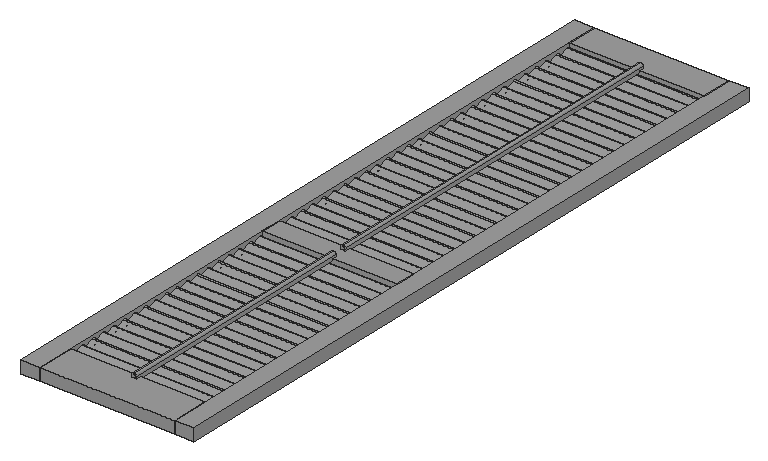
Revit family "Louver Classic 2 Panel", category Generic Models, Revit 2017
Family settings
  Can host rebar = No
  Round Connector Dimension = Use Diameter
  Part Type = Normal
  Work Plane-Based = Yes
  Always vertical = No
  Cut with Voids When Loaded = No
  Shared = No
  Room Calculation Point = No
Parameters
  Upper Tilt Rod = yes
  URL = "www.newhorizonshutters.com"
  Type Comments = "**** All dimensions and configurations to be approved by NHSI ****"
  Top Rail = 0' - 3 1/4"
  ShutterThickness = 0' - 1 1/4"
  Shutter Width = 1' - 6"
  Shutter Height = 6' - 0"
  Model = "Louver Classic"
  Mid Rail Height = 2' - 6"
  Mid Rail = 0' - 2 1/4"
  Manufacturer = "New Horizon Shutters"
  Lower Tilt Rod = yes
  Louver Section 2 = Mid Rail Height - Bottom Rail - 0' 1 3/4" - Mid Rail / 2  # 1' - 11 1/8"
  Louver Section 1 = Shutter Height - Mid Rail Height - Top Rail - 0' 1 3/4" - Mid Rail / 2  # 2' - 11 7/8"
  Louver Length = Shutter Width - 0' 4"  # 1' - 2"
  Finish Color = Default
  Default Elevation = 4' - 0"
  Bottom Rail = 0' - 4"
Reference planes (in)
  plane 1 "Center (Front/Back)": y = 0
  plane 2: z = 0
  plane 3 "Center (Left/Right)": x = 0
  plane 4: x = 9
  plane 5: x = -9
  plane 6: y = 72
  plane 7: y = 30
  plane 8: z = 1.25
  plane 9: z = 0.625
  plane 10: x = -7
  plane 11: x = 7
  plane 12: y = 68.75
  plane 13: y = 4
  plane 14: y = 31.125
  plane 15: y = 28.875
  plane 16: y = 4.875
  plane 17: y = 32
  plane 18: z = 0.77183
  plane 19: z = 0.47817
  plane 20: y = 29.375
  plane 21: y = 3.5
  plane 22: y = 69.25
  plane 23: y = 30.625
Forms (in)
  Extrusion 1, solid, material "Default" <- "Finish Color"
    sketch origin (0, 0, 0) x (1, 0, 0) y (0, 1, 0)
      loop
        line (-9, 72) -> (-9, 0) -> (-7, 0) -> (-7, 72) -> (-9, 72)
    from 0 to 1.25
  Extrusion 2, solid, material "Default" <- "Finish Color"
    sketch origin (0, 0, 0) x (-1, 0, 0) y (0, -1, 0)
      loop
        line (-9, -72) -> (-7, -72) -> (-7, 0) -> (-9, 0) -> (-9, -72)
    from 0 to 1.25
  Extrusion 3, solid, material "Default" <- "Finish Color"
    sketch origin (0, 0, 0) x (1, 0, 0) y (0, 1, 0)
      loop
        line (-7, 72) -> (-7, 68.75) -> (7, 68.75) -> (7, 72) -> (-7, 72)
      loop
        line (-7, 31.125) -> (-7, 28.875) -> (7, 28.875) -> (7, 31.125) -> (-7, 31.125)
      loop
        line (-7, 4) -> (-7, 0) -> (7, 0) -> (7, 4) -> (-7, 4)
    from 0 to 1.25
  Extrusion 4, solid, material "Default" <- "Finish Color", visible <- "Lower Tilt Rod"
    sketch origin (0, 0, 0) x (1, 0, 0) y (0, 0, 1)
      loop
        line (-0.2486, 1.38151) -> (-0.2486, 0.9966) -> (0.24872, 0.9966) -> (0.24872, 1.38169)
        arc (0.24872, 1.38169) -> (0.17282, 1.55753) -> (-0.0072, 1.6229) r 0.24164
        arc (-0.0072, 1.6229) -> (-0.17789, 1.5522) -> (-0.2486, 1.38151) r 0.2414
    from -29.375 to -3.5
  Extrusion 5, solid, material "Default" <- "Finish Color", visible <- "Upper Tilt Rod"
    sketch origin (0, 0, 0) x (1, 0, 0) y (0, 0, 1)
      loop
        line (-0.2486, 1.38151) -> (-0.2486, 0.9966) -> (0.24872, 0.9966) -> (0.24872, 1.38169)
        arc (0.24872, 1.38169) -> (0.17282, 1.55753) -> (-0.0072, 1.6229) r 0.24164
        arc (-0.0072, 1.6229) -> (-0.17789, 1.5522) -> (-0.2486, 1.38151) r 0.2414
    from -69.25 to -30.625
Dimensions and locks (in)
  equal spacing: plane 5, plane 3 "Center (Left/Right)", plane 4
  "Shutter Width": plane 5 to plane 4
  "Shutter Height": plane 1 "Center (Front/Back)" to plane 6
  "Mid Rail Height": plane 1 "Center (Front/Back)" to plane 7
  equal spacing: plane 8, plane 9, level
  "ShutterThickness": plane 8 to level
  plane 1 "Center (Front/Back)" to Extrusion 1 = 6' - 0"
  locked: plane 5 to plane 10 at 2
  locked: plane 11 to plane 4 at 2
  "Top Rail": plane 6 to plane 12
  "Bottom Rail": plane 1 "Center (Front/Back)" to plane 13
  equal spacing: plane 14, plane 7, plane 15
  "Mid Rail": plane 14 to plane 15
  locked: plane 16 to plane 13 at 0.875
  locked: plane 17 to plane 14 at 0.875
  equal spacing: plane 18, plane 9, plane 19, locked at 0.14683 each
  locked: plane 8 to Extrusion 4 at 0.2534  (x2)
  locked: plane 20 to plane 15 at 0.5
  locked: plane 13 to plane 21 at 0.5
  locked: plane 22 to plane 12 at 0.5
  locked: plane 14 to plane 23 at 0.5
  aligned and locked: plane 2 to level
  aligned and locked: Extrusion 1 sketch curve to plane 6
  aligned and locked: plane 5 to Extrusion 1 sketch curve
  aligned and locked: Extrusion 1 sketch curve to plane 1 "Center (Front/Back)"
  aligned and locked: Extrusion 1 to level
  aligned and locked: plane 8 to Extrusion 1
  aligned and locked: plane 10 to Extrusion 1
  aligned and locked: Extrusion 2 to plane 11
  aligned and locked: Extrusion 3 sketch curve to Extrusion 1
  aligned and locked: Extrusion 1 to Extrusion 3 sketch curve
  aligned and locked: plane 12 to Extrusion 3 sketch curve
  aligned and locked: Extrusion 3 sketch curve to plane 11  (x2)
  aligned and locked: Extrusion 3 sketch curve to plane 14
  aligned and locked: plane 10 to Extrusion 3 sketch curve  (x2)
  aligned and locked: plane 15 to Extrusion 3 sketch curve
  aligned and locked: Extrusion 3 sketch curve to plane 13
  aligned and locked: Extrusion 3 sketch curve to Extrusion 2
  aligned and locked: Extrusion 2 to Extrusion 3 sketch curve
  aligned and locked: Extrusion 3 to Extrusion 1
  aligned and locked: Extrusion 3 to level
  aligned and locked: plane 9 to nested 2
  aligned and locked: plane 20 to Extrusion 4
  aligned and locked: Extrusion 4 to plane 21
  aligned and locked: Extrusion 5 to plane 23
  aligned and locked: plane 22 to Extrusion 5
  aligned and locked: nested 1 to plane 3 "Center (Left/Right)"
  aligned and locked: nested 1 to plane 17
  aligned and locked: nested 2 to plane 16
  aligned and locked: nested 2 to plane 3 "Center (Left/Right)"
Automatic sketch dimensions
  Extrusion 1 sketch curve to plane 10 = 0' - 0"
  plane 1 "Center (Front/Back)" to Extrusion 2 sketch curve = 0' - 0"
  Extrusion 2 sketch curve to plane 4 = 0' - 0"
  Extrusion 2 sketch curve to plane 6 = 0' - 0"
  Extrusion 2 sketch curve to Extrusion 2 sketch curve = 0' - 2"
  Extrusion 4 sketch curve to plane 3 "Center (Left/Right)" = 0' - 0.2486"
  Extrusion 4 sketch curve to plane 3 "Center (Left/Right)" = 0' - 0.0072"
  plane 3 "Center (Left/Right)" to Extrusion 4 sketch curve = 0' - 0.00708"
  plane 3 "Center (Left/Right)" to Extrusion 4 sketch curve = 0' - 0.24872"
  level to Extrusion 4 sketch curve = 0' - 0.9966"
  level to Extrusion 4 sketch curve = 0' - 1.38151"
  Extrusion 5 sketch curve to plane 3 "Center (Left/Right)" = 0' - 0.2486"
  Extrusion 5 sketch curve to plane 3 "Center (Left/Right)" = 0' - 0.0072"
  plane 3 "Center (Left/Right)" to Extrusion 5 sketch curve = 0' - 0.00708"
  plane 3 "Center (Left/Right)" to Extrusion 5 sketch curve = 0' - 0.24872"
  level to Extrusion 5 sketch curve = 0' - 0.9966"
  level to Extrusion 5 sketch curve = 0' - 1.38151"
Nested families (in)
  nested 1: "Louver System 3.1" at (0, 49.9375, 0.625) x (-1, 0, 0) z (0, 0, 1), type "Louver System 3.1"
  nested 2: "Louver System 3.2" at (0, 16.4375, 0.625) x (-1, 0, 0) z (0, 0, 1), type "Louver System 3.2"
Definition of nested family "Louver System 3.1"
  Parameters (values of type "Louver System 3.1")
    Number of Louvers = Louver Span / Louver Spacing  # 27
    Louver Span = 2' - 11 7/8"
    Louver Spacing = 0' - 1 79/256"
    Louver Length = 1' - 2"
    Finish Color = none
  Reference planes (in)
    plane 1 "Center (Front/Back)": y = 0
    plane 2: z = 0
    plane 3 "Center (Left/Right)": x = 0
    plane 4: x = -7
    plane 5: x = 7
    plane 6: y = -17.9375
    plane 7: y = 17.9375
  Dimensions and locks (in)
    equal spacing: plane 4, plane 3 "Center (Left/Right)", plane 5
    equal spacing: plane 7, plane 1 "Center (Front/Back)", plane 6
    "Louver Length": plane 4 to plane 5
    equal spacing: group 1, group 3, group 4, group 5, group 6, group 7, group 8, group 9, group 10, group 11, group 12, group 13, group 14, group 15, group 16, group 17, group 18, group 19, group 20, group 21, group 22, group 23, group 24, group 25, group 26, group 27, group 2  (x3)
    "Louver Span": plane 6 to plane 7
    equal spacing: plane 6, plane 1 "Center (Front/Back)", plane 7
    aligned and locked: plane 2 to level
    aligned and locked: plane 5 to nested 1
    aligned and locked: nested 2 to plane 7
    aligned and locked: nested 1 to plane 6
  Nested families (in)
    nested 1: "Louver 3 Single" at (0, -17.9375, 0), Louver Length <- "Louver Length", type "Louver 3 Single"
      with Louver Length 1' - 2"
    nested 2: "Louver 3 Single" at (0, 17.9375, 0), Louver Length <- "Louver Length", type "Louver 3 Single"
      with Louver Length 1' - 2"
    nested 3: "Louver 3 Single" at (0, -16.55769, 0), Louver Length <- "Louver Length", type "Louver 3 Single"
      with Louver Length 1' - 2"
    nested 4: "Louver 3 Single" at (0, -15.17788, 0), Louver Length <- "Louver Length", type "Louver 3 Single"
      with Louver Length 1' - 2"
    nested 5: "Louver 3 Single" at (0, -13.79808, 0), Louver Length <- "Louver Length", type "Louver 3 Single"
      with Louver Length 1' - 2"
    nested 6: "Louver 3 Single" at (0, -12.41827, 0), Louver Length <- "Louver Length", type "Louver 3 Single"
      with Louver Length 1' - 2"
    nested 7: "Louver 3 Single" at (0, -11.03846, 0), Louver Length <- "Louver Length", type "Louver 3 Single"
      with Louver Length 1' - 2"
    nested 8: "Louver 3 Single" at (0, -9.65865, 0), Louver Length <- "Louver Length", type "Louver 3 Single"
      with Louver Length 1' - 2"
    nested 9: "Louver 3 Single" at (0, -8.27885, 0), Louver Length <- "Louver Length", type "Louver 3 Single"
      with Louver Length 1' - 2"
    nested 10: "Louver 3 Single" at (0, -6.89904, 0), Louver Length <- "Louver Length", type "Louver 3 Single"
      with Louver Length 1' - 2"
    nested 11: "Louver 3 Single" at (0, -5.51923, 0), Louver Length <- "Louver Length", type "Louver 3 Single"
      with Louver Length 1' - 2"
    nested 12: "Louver 3 Single" at (0, -4.13942, 0), Louver Length <- "Louver Length", type "Louver 3 Single"
      with Louver Length 1' - 2"
    nested 13: "Louver 3 Single" at (0, -2.75962, 0), Louver Length <- "Louver Length", type "Louver 3 Single"
      with Louver Length 1' - 2"
    nested 14: "Louver 3 Single" at (0, -1.37981, 0), Louver Length <- "Louver Length", type "Louver 3 Single"
      with Louver Length 1' - 2"
    nested 15: "Louver 3 Single" at (0, 0, 0), Louver Length <- "Louver Length", type "Louver 3 Single"
      with Louver Length 1' - 2"
    nested 16: "Louver 3 Single" at (0, 1.37981, 0), Louver Length <- "Louver Length", type "Louver 3 Single"
      with Louver Length 1' - 2"
    nested 17: "Louver 3 Single" at (0, 2.75962, 0), Louver Length <- "Louver Length", type "Louver 3 Single"
      with Louver Length 1' - 2"
    nested 18: "Louver 3 Single" at (0, 4.13942, 0), Louver Length <- "Louver Length", type "Louver 3 Single"
      with Louver Length 1' - 2"
    nested 19: "Louver 3 Single" at (0, 5.51923, 0), Louver Length <- "Louver Length", type "Louver 3 Single"
      with Louver Length 1' - 2"
    nested 20: "Louver 3 Single" at (0, 6.89904, 0), Louver Length <- "Louver Length", type "Louver 3 Single"
      with Louver Length 1' - 2"
    nested 21: "Louver 3 Single" at (0, 8.27885, 0), Louver Length <- "Louver Length", type "Louver 3 Single"
      with Louver Length 1' - 2"
    nested 22: "Louver 3 Single" at (0, 9.65865, 0), Louver Length <- "Louver Length", type "Louver 3 Single"
      with Louver Length 1' - 2"
    nested 23: "Louver 3 Single" at (0, 11.03846, 0), Louver Length <- "Louver Length", type "Louver 3 Single"
      with Louver Length 1' - 2"
    nested 24: "Louver 3 Single" at (0, 12.41827, 0), Louver Length <- "Louver Length", type "Louver 3 Single"
      with Louver Length 1' - 2"
    nested 25: "Louver 3 Single" at (0, 13.79808, 0), Louver Length <- "Louver Length", type "Louver 3 Single"
      with Louver Length 1' - 2"
    nested 26: "Louver 3 Single" at (0, 15.17788, 0), Louver Length <- "Louver Length", type "Louver 3 Single"
      with Louver Length 1' - 2"
    nested 27: "Louver 3 Single" at (0, 16.55769, 0), Louver Length <- "Louver Length", type "Louver 3 Single"
      with Louver Length 1' - 2"
  Definition of nested family "Louver 3 Single"
    Parameters (values of type "Louver 3 Single")
      Louver Length [instance] = 2' - 0"
      Finish Color = none
    Reference planes (in)
      plane 1 "Center (Front/Back)": y = 0
      plane 2: z = 0
      plane 3 "Center (Left/Right)": x = 0
      plane 4: x = 12
      plane 5: x = -12
    Forms (in)
      Extrusion 1, solid, material <- "Finish Color"
        sketch origin (0, 0, 0) x (0, 1, 0) y (0, 0, 1)
          loop
            arc (0.5045, -0.3499) -> (0.70477, -0.25652) -> (0.61138, -0.05625) r 0.15625
            line (0.61138, -0.05625) -> (-0.5045, 0.3499)
            arc (-0.5045, 0.3499) -> (-0.70477, 0.25652) -> (-0.61138, 0.05625) r 0.15625
            line (-0.61138, 0.05625) -> (0.5045, -0.3499)
        from -12 to 12
    Dimensions and locks (in)
      equal spacing: plane 5, plane 3 "Center (Left/Right)", plane 4
      "Louver Length": plane 5 to plane 4
      aligned and locked: plane 2 to level
      aligned and locked: Extrusion 1 to plane 5
      aligned and locked: plane 4 to Extrusion 1
    Automatic sketch dimensions
      level to Extrusion 1 sketch curve = 0' - 0.05625"
      plane 1 "Center (Front/Back)" to Extrusion 1 sketch curve = 0' - 0.61138"
      Extrusion 1 sketch curve to Extrusion 1 sketch curve = 0' - 0.05344"  (x4)
      Extrusion 1 sketch curve to plane 1 "Center (Front/Back)" = 0' - 0.5045"
      Extrusion 1 sketch curve to level = 0' - 0.05625"
      Extrusion 1 sketch curve to Extrusion 1 sketch curve = 0' - 0.14683"  (x2)
Definition of nested family "Louver System 3.2"
  Parameters (values of type "Louver System 3.2")
    Number of Louvers = Louver Span / Louver Spacing  # 18
    Louver Span = 1' - 11 1/8"
    Louver Spacing = 0' - 1 79/256"
    Louver Length = 1' - 2"
    Finish Color = none
  Reference planes (in)
    plane 1 "Center (Front/Back)": y = 0
    plane 2: z = 0
    plane 3 "Center (Left/Right)": x = 0
    plane 4: x = -7
    plane 5: x = 7
    plane 6: y = -11.5625
    plane 7: y = 11.5625
    plane 8 "Louver Plane": z = 0
  Dimensions and locks (in)
    equal spacing: plane 4, plane 3 "Center (Left/Right)", plane 5
    equal spacing: plane 7, plane 1 "Center (Front/Back)", plane 6
    "Louver Length": plane 4 to plane 5
    equal spacing: group 1, group 3, group 4, group 5, group 6, group 7, group 8, group 9, group 10, group 11, group 12, group 13, group 14, group 15, group 16, group 17, group 18, group 2  (x3)
    "Louver Span": plane 6 to plane 7
    equal spacing: plane 6, plane 1 "Center (Front/Back)", plane 7
    aligned and locked: plane 2 to level
    aligned and locked: plane 5 to nested 1
    aligned and locked: nested 2 to plane 7
    aligned and locked: nested 1 to plane 6
    aligned and locked: level to plane 8 "Louver Plane"
  Nested families (in)
    nested 1: "Louver 3 Single" at (0, -11.5625, 0), Louver Length <- "Louver Length", type "Louver 3 Single"
      with Louver Length 1' - 2"
    nested 2: "Louver 3 Single" at (0, 11.5625, 0), Louver Length <- "Louver Length", type "Louver 3 Single"
      with Louver Length 1' - 2"
    nested 3: "Louver 3 Single" at (0, -10.20221, 0), Louver Length <- "Louver Length", type "Louver 3 Single"
      with Louver Length 1' - 2"
    nested 4: "Louver 3 Single" at (0, -8.84191, 0), Louver Length <- "Louver Length", type "Louver 3 Single"
      with Louver Length 1' - 2"
    nested 5: "Louver 3 Single" at (0, -7.48162, 0), Louver Length <- "Louver Length", type "Louver 3 Single"
      with Louver Length 1' - 2"
    nested 6: "Louver 3 Single" at (0, -6.12132, 0), Louver Length <- "Louver Length", type "Louver 3 Single"
      with Louver Length 1' - 2"
    nested 7: "Louver 3 Single" at (0, -4.76103, 0), Louver Length <- "Louver Length", type "Louver 3 Single"
      with Louver Length 1' - 2"
    nested 8: "Louver 3 Single" at (0, -3.40074, 0), Louver Length <- "Louver Length", type "Louver 3 Single"
      with Louver Length 1' - 2"
    nested 9: "Louver 3 Single" at (0, -2.04044, 0), Louver Length <- "Louver Length", type "Louver 3 Single"
      with Louver Length 1' - 2"
    nested 10: "Louver 3 Single" at (0, -0.68015, 0), Louver Length <- "Louver Length", type "Louver 3 Single"
      with Louver Length 1' - 2"
    nested 11: "Louver 3 Single" at (0, 0.68015, 0), Louver Length <- "Louver Length", type "Louver 3 Single"
      with Louver Length 1' - 2"
    nested 12: "Louver 3 Single" at (0, 2.04044, 0), Louver Length <- "Louver Length", type "Louver 3 Single"
      with Louver Length 1' - 2"
    nested 13: "Louver 3 Single" at (0, 3.40074, 0), Louver Length <- "Louver Length", type "Louver 3 Single"
      with Louver Length 1' - 2"
    nested 14: "Louver 3 Single" at (0, 4.76103, 0), Louver Length <- "Louver Length", type "Louver 3 Single"
      with Louver Length 1' - 2"
    nested 15: "Louver 3 Single" at (0, 6.12132, 0), Louver Length <- "Louver Length", type "Louver 3 Single"
      with Louver Length 1' - 2"
    nested 16: "Louver 3 Single" at (0, 7.48162, 0), Louver Length <- "Louver Length", type "Louver 3 Single"
      with Louver Length 1' - 2"
    nested 17: "Louver 3 Single" at (0, 8.84191, 0), Louver Length <- "Louver Length", type "Louver 3 Single"
      with Louver Length 1' - 2"
    nested 18: "Louver 3 Single" at (0, 10.20221, 0), Louver Length <- "Louver Length", type "Louver 3 Single"
      with Louver Length 1' - 2"
  Definition of nested family "Louver 3 Single"
    Parameters (values of type "Louver 3 Single")
      Louver Length [instance] = 2' - 0"
      Finish Color = none
    Reference planes (in)
      plane 1 "Center (Front/Back)": y = 0
      plane 2: z = 0
      plane 3 "Center (Left/Right)": x = 0
      plane 4: x = 12
      plane 5: x = -12
    Forms (in)
      Extrusion 1, solid, material <- "Finish Color"
        sketch origin (0, 0, 0) x (0, 1, 0) y (0, 0, 1)
          loop
            arc (0.5045, -0.3499) -> (0.70477, -0.25652) -> (0.61138, -0.05625) r 0.15625
            line (0.61138, -0.05625) -> (-0.5045, 0.3499)
            arc (-0.5045, 0.3499) -> (-0.70477, 0.25652) -> (-0.61138, 0.05625) r 0.15625
            line (-0.61138, 0.05625) -> (0.5045, -0.3499)
        from -12 to 12
    Dimensions and locks (in)
      equal spacing: plane 5, plane 3 "Center (Left/Right)", plane 4
      "Louver Length": plane 5 to plane 4
      aligned and locked: plane 2 to level
      aligned and locked: Extrusion 1 to plane 5
      aligned and locked: plane 4 to Extrusion 1
    Automatic sketch dimensions
      level to Extrusion 1 sketch curve = 0' - 0.05625"
      plane 1 "Center (Front/Back)" to Extrusion 1 sketch curve = 0' - 0.61138"
      Extrusion 1 sketch curve to Extrusion 1 sketch curve = 0' - 0.05344"  (x4)
      Extrusion 1 sketch curve to plane 1 "Center (Front/Back)" = 0' - 0.5045"
      Extrusion 1 sketch curve to level = 0' - 0.05625"
      Extrusion 1 sketch curve to Extrusion 1 sketch curve = 0' - 0.14683"  (x2)
